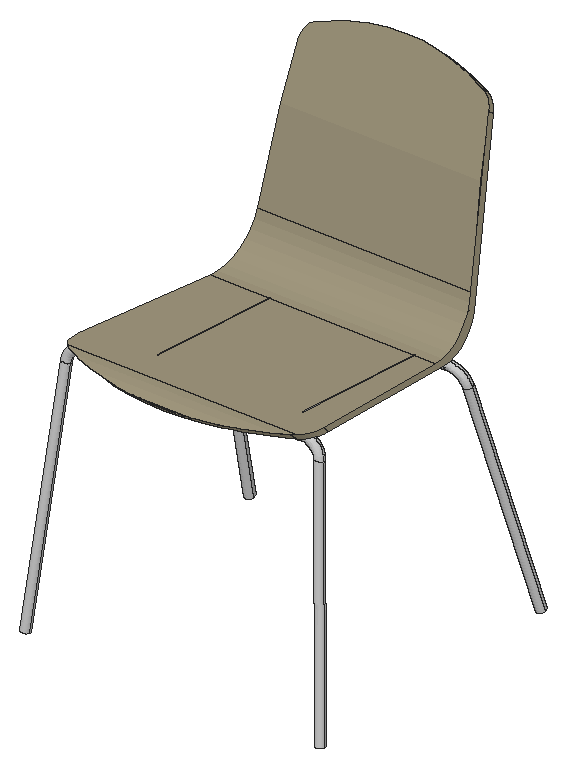
Revit family "FU_Chair_Sandler_Ann-1.2", category Furniture, Revit 2020
Family settings
  OmniClass Number = 23.40.20.00
  OmniClass Title = General Furniture and Specialties
  Work Plane-Based = No
  Always vertical = Yes
  Cut with Voids When Loaded = No
  Shared = No
  Room Calculation Point = No
Parameters (values of type "Ann 1.2")
  URL = "https://www.sandlerseating.com/product/ann-1-2/"
  Seat [instance] = Fabric - Mainline Flax - Tooting MLF17
  Model = "Ann 1.2"
  Manufacturer = "Sandler"
  Frame [instance] = Metal - Chrome - Polished
  Description = "Fully upholstered stackable side chair on four leg steel base.  Stacks 12 on floor and 16 on a trolley."
  Default Elevation = 0 mm
Reference planes
  plane 1 "Center (Front/Back)": y = 0
  plane 2: z = 0
  plane 3 "Center (Left/Right)": x = 0
  plane 4: x = -270
  plane 5: x = 270
  plane 6: y = 265
  plane 7: y = -265
  plane 8: z = 470
  plane 9: z = 830
Forms (mm)
  Sweep 1, solid, material "Metal - Chrome - Polished" <- "Frame"
    path origin (0, -244.369, 0) x (0, 0.104528, 0.994522) y (1, 0, 0)
      loop
        line (0, -262.849) -> (427.252, -225.469)
        arc (427.252, -225.469) -> (448.33, -213.987) -> (454.241, -190.724) r 30
        arc (454.241, -190.724) -> (438.691, 0) -> (454.241, 190.724) r 1177.386
        arc (454.241, 190.724) -> (448.33, 213.987) -> (427.252, 225.469) r 30
        line (427.252, 225.469) -> (0, 262.849)
    profile origin (-244.159, -222.039, 212.456) x (0.996195, -0.00911, -0.086678) y (0, 0.994522, -0.104528)
      loop
        circle (0, 0) r 8
  Sweep 2, solid, material "Metal - Chrome - Polished" <- "Frame"
    path origin (0, 251.566, 0) x (0, -0.284763, 0.958598) y (1, 0, 0)
      loop
        line (0, 259.963) -> (413.635, 223.774)
        arc (413.635, 223.774) -> (433.139, 214.156) -> (441.021, 193.888) r 30
        line (441.021, 193.888) -> (441.021, -193.888)
        arc (441.021, -193.888) -> (433.139, -214.156) -> (413.635, -223.774) r 30
        line (413.635, -223.774) -> (0, -259.963)
    profile origin (0, 125.98, 422.761) x (0, -0.284763, 0.958598) y (0, 0.958598, 0.284763)
      loop
        circle (0, 0) r 8
  Sweep 3, solid, material "Metal - Chrome - Polished" <- "Frame"
    path origin (-129.454, -0.005, 1.25) x (0, 1, 0) y (0, 0, 1)
      loop
        line (126.591, 420.702) -> (-197.638, 444.612)
    profile origin (-129.454, -35.528, 433.907) x (0, -0.073544, -0.997292) y (1, 0, 0)
      loop
        circle (0, 0) r 7
  Sweep 4, solid, material "Metal - Chrome - Polished" <- "Frame"
    path origin (129.454, -0.005, 1.25) x (0, 1, 0) y (0, 0, -1)
      loop
        line (126.591, -420.702) -> (-197.638, -444.612)
    profile origin (129.454, -35.528, 433.907) x (0, 0.073544, 0.997292) y (-1, 0, 0)
      loop
        circle (0, 0) r 7
  Extrusion 5, solid, material "Fabric - Mainline Flax - Tooting MLF17" <- "Seat"
    sketch origin (-129.454, 0, 0) x (0, 1, 0) y (0, 0, 1)
      loop
        arc (282.564, 822.372) -> (279.949, 828.942) -> (273.379, 826.327) r 5
        arc (273.379, 826.327) -> (218.007, 672.55) -> (181.763, 513.177) r 1340.39
        arc (181.763, 513.177) -> (150.241, 459.977) -> (91.011, 442.216) r 85
        line (91.011, 442.216) -> (-223.896, 467.764)
        arc (-223.896, 467.764) -> (-247.255, 467.121) -> (-269.929, 461.466) r 107.937
        arc (-269.929, 461.466) -> (-272.893, 455.046) -> (-266.473, 452.082) r 5
        arc (-266.473, 452.082) -> (-245.9, 457.213) -> (-224.704, 457.797) r 97.937
        line (-224.704, 457.797) -> (108.692, 430.749)
        arc (108.692, 430.749) -> (161.341, 446.724) -> (188.921, 494.332) r 75
        arc (188.921, 494.332) -> (225.184, 661.366) -> (282.564, 822.372) r 1330.39
    from -103.322 to 373.829
  Extrusion 6, void
    sketch origin (0, -574.826, 574.826) x (0, -0.707107, -0.707107) y (-1, 0, 0)
      loop
        arc (-716.96, 169.201) -> (-731.839, 163.568) -> (-741.745, 151.119) r 30
        arc (-741.745, 151.119) -> (-772.677, 0) -> (-741.745, -151.119) r 384.613
        arc (-741.745, -151.119) -> (-731.839, -163.568) -> (-716.96, -169.201) r 30
        line (-716.96, -169.201) -> (-200.161, -217.686)
        arc (-200.161, -217.686) -> (-181.482, -213.272) -> (-169.302, -198.439) r 30
        arc (-169.302, -198.439) -> (-132.996, 0) -> (-169.302, 198.439) r 560.464
        arc (-169.302, 198.439) -> (-181.482, 213.272) -> (-200.161, 217.686) r 30
        line (-200.161, 217.686) -> (-716.96, 169.201)
      loop
        line (-851.588, 329.361) -> (-851.588, -365.639) -> (-76.588, -365.639) -> (-76.588, 329.361) -> (-851.588, 329.361)
    from 0 to 688.933
Cuts and joins
  Extrusion 6 cuts Extrusion 5
Dimensions and locks
  equal spacing: plane 4, plane 3 "Center (Left/Right)", plane 5
  plane 4 to plane 5 = 540 mm
  equal spacing: plane 7, plane 1 "Center (Front/Back)", plane 6
  plane 7 to plane 6 = 530 mm
  plane 9 to level = 830 mm
  plane 8 to level = 470 mm
  aligned and locked: level to plane 2
Automatic sketch dimensions
  Sweep 1 sketch curve to plane 3 "Center (Left/Right)" = 0 mm
  plane 5 to Sweep 1 sketch curve = 74.417 mm
  Sweep 1 sketch curve to Sweep 1 sketch curve = 0 mm  (x2)
  plane 5 to Sweep 1 sketch curve = 44.531 mm
  Sweep 1 sketch curve to Sweep 1 sketch curve = 2.615 mm  (x2)
  plane 4 to Sweep 1 sketch curve = 44.531 mm
  Sweep 1 sketch curve to Sweep 1 sketch curve = 1191.44 mm
  plane 4 to Sweep 1 sketch curve = 7.151 mm
  Sweep 1 sketch curve to Sweep 1 sketch curve = 427.252 mm  (x2)
  plane 5 to Sweep 1 sketch curve = 7.151 mm
  Sweep 1 sketch curve to profile plane = 0 mm  (x2)
  plane 5 to Sweep 2 sketch curve = 76.112 mm
  Sweep 2 sketch curve to Sweep 2 sketch curve = 0 mm
  plane 5 to Sweep 2 sketch curve = 46.226 mm
  Sweep 2 sketch curve to Sweep 2 sketch curve = 2.615 mm
  plane 4 to Sweep 2 sketch curve = 46.226 mm
  plane 4 to Sweep 2 sketch curve = 10.037 mm
  Sweep 2 sketch curve to Sweep 2 sketch curve = 413.635 mm  (x2)
  plane 5 to Sweep 2 sketch curve = 10.037 mm
  profile plane to Sweep 2 sketch curve = 0 mm
  Sweep 2 sketch curve to profile plane = 0 mm
  Sweep 3 sketch curve to plane 8 = 24.138 mm
  Sweep 3 sketch curve to plane 7 = 67.357 mm
  Sweep 3 sketch curve to plane 8 = 48.048 mm
  Sweep 3 sketch curve to plane 1 "Center (Front/Back)" = 126.586 mm
  Sweep 3 sketch curve to profile plane = 0 mm  (x2)
  Sweep 4 sketch curve to plane 8 = 24.138 mm
  Sweep 4 sketch curve to plane 7 = 67.357 mm
  Sweep 4 sketch curve to plane 8 = 48.048 mm
  Sweep 4 sketch curve to plane 1 "Center (Front/Back)" = 126.586 mm
  profile plane to Sweep 4 sketch curve = 0 mm
  Sweep 4 sketch curve to profile plane = 0 mm
  Extrusion 5 sketch curve to Extrusion 5 sketch curve = 0 mm  (x8)
  plane 7 to Extrusion 5 sketch curve = 3.201 mm
  Extrusion 5 sketch curve to plane 7 = 32.376 mm
  Extrusion 5 sketch curve to plane 8 = 12.203 mm
  Extrusion 5 sketch curve to plane 7 = 40.296 mm
  Extrusion 5 sketch curve to plane 8 = 2.236 mm
  Extrusion 5 sketch curve to Extrusion 5 sketch curve = 0.809 mm
  Extrusion 5 sketch curve to plane 8 = 27.784 mm
  Extrusion 5 sketch curve to plane 1 "Center (Front/Back)" = 91.011 mm
  Extrusion 5 sketch curve to Extrusion 5 sketch curve = 6.873 mm
  Extrusion 5 sketch curve to plane 8 = 39.251 mm
  Extrusion 5 sketch curve to Extrusion 5 sketch curve = 17.682 mm
  Extrusion 5 sketch curve to Extrusion 5 sketch curve = 16.873 mm
  Extrusion 5 sketch curve to plane 9 = 5.651 mm
  plane 6 to Extrusion 5 sketch curve = 12.972 mm
  Extrusion 5 sketch curve to plane 8 = 173.824 mm
  plane 6 to Extrusion 5 sketch curve = 1239.471 mm
  Extrusion 5 sketch curve to Extrusion 5 sketch curve = 97.617 mm
  Extrusion 5 sketch curve to plane 8 = 13.226 mm
  plane 8 to Extrusion 5 sketch curve = 35.503 mm
  Extrusion 5 sketch curve to Extrusion 5 sketch curve = 21.435 mm
  Extrusion 6 sketch curve to plane 3 "Center (Left/Right)" = 0 mm  (x2)
  Extrusion 6 sketch curve to plane 5 = 95.639 mm
  plane 5 to Extrusion 6 sketch curve = 100.799 mm
  Extrusion 6 sketch curve to Extrusion 6 sketch curve = 134.628 mm  (x2)
  Extrusion 6 sketch curve to Extrusion 6 sketch curve = 2.802 mm  (x4)
  Extrusion 6 sketch curve to Extrusion 6 sketch curve = 20.698 mm
  plane 5 to Extrusion 6 sketch curve = 52.314 mm
  Extrusion 6 sketch curve to Extrusion 6 sketch curve = 29.869 mm  (x4)
  Extrusion 6 sketch curve to plane 4 = 59.361 mm
  Extrusion 6 sketch curve to Extrusion 6 sketch curve = 0 mm  (x2)
  Sweep 1 sketch curve to Sweep 1 sketch curve = 29.886 mm
  plane 4 to Sweep 2 sketch curve = 76.112 mm
  plane 4 to Extrusion 6 sketch curve = 130.668 mm
  plane 4 to Extrusion 6 sketch curve = 82.183 mm
  Extrusion 6 sketch curve to Extrusion 6 sketch curve = 305.396 mm
  Extrusion 6 sketch curve to Extrusion 6 sketch curve = 187.903 mm  (x2)
  Extrusion 6 sketch curve to Extrusion 6 sketch curve = 92.714 mm
  radius of Sweep 1 sketch curve = 8 mm
  radius of Sweep 2 sketch curve = 8 mm
  radius of Sweep 3 sketch curve = 7 mm
  radius of Sweep 4 sketch curve = 7 mm
